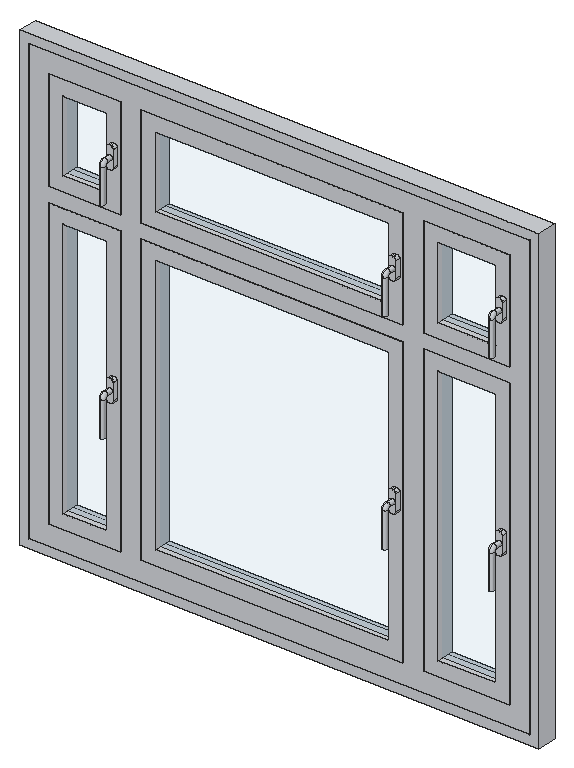
Revit family "AVLN_Окно_Фрамуга_3 створки", category Окна, Revit 2021
Family settings
  Основа = Стена
  Номер OmniClass = 23.30.20.00
  Заголовок OmniClass = Windows
  Всегда вертикально = Да
  При загрузке вырезать с полостями = Нет
  Общий = Нет
  Точка принадлежности помещению = Нет
Parameters (values of type "Для копирования!")
  Ширина рамы = 70 mm
  Ширина импоста = 50 mm
  Четверть слева/справа = 50 mm
  Четверть низ = 0 mm  # constant formula
  Четверть верх = 50 mm
  Створка_снизу_высота = 1000 mm
  Створка_толщина = 25 mm  # constant formula
  Толщина основы [instance] = 200 mm
  Створка_центр_ширина = Width - ((Монтажный зазор * 2) + (Ширина рамы * 4) + Створка_слева_ширина + Створка_справа_ширина)  # 910 mm
  Створка_справа_ширина = 300 mm
  Створка_слева_ширина = 250 mm
  Створка_профиль = 50 mm
  Створка_высота = Height - (Створка_снизу_высота + (Ширина рамы * 2) + Ширина импоста + (Монтажный зазор * 2))  # 350 mm
  Верх право открывание = АВЛН_Створка открывная : Створка повороно-откидная левая
  Верх лево открывание = АВЛН_Створка открывная : Створка повороно-откидная левая
  Верх центр открывание = АВЛН_Створка открывная : Створка повороно-откидная левая
  Rough Width = Width - Монтажный зазор * 2  # 1740 mm
  Rough Height = Height - Монтажный зазор * 2  # 1540 mm
  Подстановочный профиль_Ширина = 20 mm  # constant formula
  Подстановочный профиль_Толщина = 60 mm
  Подоконник_Толщина = 20 mm
  Подоконник_Длина = Width  # 1800 mm
  Подоконник_Глубина = 280 mm
  Подоконник = no
  Низ центр открывание = АВЛН_Створка открывная : Створка повороно-откидная левая
  Низ право открывание = АВЛН_Створка открывная : Створка повороно-откидная левая
  Низ лево открывание = АВЛН_Створка открывная : Створка повороно-откидная левая
  Глубина вставки = 0 mm
  Отлив_Толщина = 1 mm  # constant formula
  Отлив_Длина = Width - [Четверть слева/справа] * 2  # 1700 mm
  Отлив_Глубина = 280 mm
  Отлив = no
  Откос_Н.Ширина = Width - 2 * [Четверть слева/справа]  # 1700 mm
  Откос_Н.Толщина.8 = 32 mm
  Откос_Н.Толщина.7 = 28 mm
  Откос_Н.Толщина.6 = 24 mm
  Откос_Н.Толщина.5 = 20 mm
  Откос_Н.Толщина.4 = 16 mm
  Откос_Н.Толщина.3 = 12 mm
  Откос_Н.Толщина.2 = 8 mm
  Откос_Н.Толщина.1 = 4 mm
  Откос_Н.Отступ_П = 0 mm  # constant formula
  Откос_Н.Отступ_Л = 0 mm  # constant formula
  Откос_Н.Количество слоев = 0
  Откос_Н.Глубина = 150 mm
  Откос_Н.Высота = Height - Четверть верх - Четверть низ  # 1550 mm
  Откос_В.Толщина.8 = 32 mm
  Откос_В.Толщина.7 = 28 mm
  Откос_В.Толщина.6 = 24 mm
  Откос_В.Толщина.5 = 20 mm
  Откос_В.Толщина.4 = 16 mm
  Откос_В.Толщина.3 = 12 mm
  Откос_В.Толщина.2 = 8 mm
  Откос_В.Толщина.1 = 4 mm
  Откос_В.Отступ_П [instance] = Монтажный зазор + Подоконник_Толщина  # 50 mm
  Откос_В.Отступ_Л [instance] = Монтажный зазор + Подоконник_Толщина  # 50 mm
  Откос_В.Количество слоев = 0
  Откос_В.Глубина [instance] = Толщина основы - Глубина вставки - Ширина рамы  # 130 mm
  Монтажный зазор = 30 mm
  М.Подоконник = none
  М.Отлив = none
  М.Откос_Н.8 = none
  М.Откос_Н.7 = none
  М.Откос_Н.6 = none
  М.Откос_Н.5 = none
  М.Откос_Н.4 = none
  М.Откос_Н.3 = none
  М.Откос_Н.2 = none
  М.Откос_Н.1 = none
  М.Откос_В.8 = none
  М.Откос_В.7 = none
  М.Откос_В.6 = none
  М.Откос_В.5 = none
  М.Откос_В.4 = none
  М.Откос_В.3 = none
  М.Откос_В.2 = none
  М.Откос_В.1 = none
  М.Монтажного зазора = none
  М.Стекла = Стекло
  М.Рамы = none
  М.Подоконный профиль = none
  Type Comments = ""
  Height = 1600 mm
  Высота подоконника по умолчанию = 800 mm
  Замыкание стены = По основе
  Width = 1800 mm
  Аналитическая конструкция = "<Нет>"
  АВЛН_Проем_Ширина [instance] = Width  # 1800 mm
  АВЛН_Проем_Высота [instance] = Height  # 1600 mm
  ADSK_Этаж [instance] = ""
  ADSK_Размер_Ширина = Width  # 1800 mm
  ADSK_Размер_Высота = Height  # 1600 mm
  ADSK_Примечание [instance] = ""
  ADSK_Площадь = Height * Width  # 2.88 m²
  ADSK_Обозначение = ""
  ADSK_Номер секции [instance] = ""
  ADSK_Наименование = ""
  ADSK_Марка = ""
  ADSK_Группирование = ""
  -----------Разрезка----------- = "-----------"  # constant formula
  -----------Профили----------- = "-----------"  # constant formula
  -----------Подоконник----------- = "-----------"  # constant formula
  -----------Отлив----------- = "-----------"  # constant formula
  -----------Откос----------- = "-----------"  # constant formula
  -----------Основные габариты----------- = "-----------"  # constant formula
  -----------Вставка----------- = "-----------"  # constant formula
Reference planes
  plane 1 "По центру (Вперед/Назад)": y = 0
  plane 2 "По центру (Влево/Вправо)": x = 0
  plane 3 "Слева": x = -900
  plane 4 "Справа": x = 900
  plane 5 "Подоконник": z = 800
  plane 6 "Заголовок": z = 2400
  plane 7 "Наружный": y = 100
  plane 8 "Внутренние": y = -100
  plane 9 "Окно": y = 100
  plane 10: x = 870
  plane 11: z = 2370
  plane 12: x = -870
  plane 13: z = 830
  plane 14: x = 850
  plane 15: x = -850
  plane 16: z = 1600
  plane 17: y = 600
  plane 18: y = -400
  plane 19: z = 2350
  plane 20 "Чет. низ": z = 800
  plane 21 "Нраужняя": y = 30
  plane 22: y = 80
  plane 23 "Импост верх": z = 1950
  plane 24 "Импост низ": z = 1900
  plane 25: z = 900
  plane 26: z = 2300
  plane 27: x = -800
  plane 28: x = 800
  plane 29 "4": z = 1925
  plane 30 "5": x = -550
  plane 31 "6": x = -480
  plane 32 "7": x = 430
  plane 33 "8": x = 500
  plane 34 "9": x = -25
  plane 35 "10": x = 650
  plane 36 "11": x = -675
  plane 37 "12": z = 2125
  plane 38: z = 1400
Forms (mm)
  Extrusion 1, void
    sketch origin (0, 100, 0) x (1, 0, 0) y (0, 0, 1)
      loop
        line (850, 2350) -> (-850, 2350) -> (-850, 800) -> (850, 800) -> (850, 2350)
    from -500 to 20
  Extrusion 2, void
    sketch origin (0, 100, 0) x (1, 0, 0) y (0, 0, 1)
      loop
        line (900, 2400) -> (-900, 2400) -> (-900, 800) -> (900, 800) -> (900, 2400)
    from 0 to 500
  Extrusion 3, solid, material <- "М.Монтажного зазора", detail levels medium+fine
    sketch origin (0, 100, 0) x (1, 0, 0) y (0, 0, 1)
      loop
        line (900, 2400) -> (-900, 2400) -> (-900, 800) -> (900, 800) -> (900, 2400)
      loop
        line (-870, 2370) -> (-870, 830) -> (870, 830) -> (870, 2370) -> (-870, 2370)
    from 0 to 70
  Extrusion 4, solid, material <- "М.Рамы", detail levels medium+fine
    sketch origin (0, 100, 0) x (-1, 0, 0) y (0, 0, 1)
      loop
        line (-870, 2370) -> (-870, 830) -> (870, 830) -> (870, 2370) -> (-870, 2370)
      loop
        line (480, 900) -> (480, 1900) -> (-430, 1900) -> (-430, 900) -> (480, 900)
      loop
        line (550, 2300) -> (550, 1950) -> (800, 1950) -> (800, 2300) -> (550, 2300)
      loop
        line (550, 900) -> (800, 900) -> (800, 1900) -> (550, 1900) -> (550, 900)
      loop
        line (-500, 2300) -> (-800, 2300) -> (-800, 1950) -> (-500, 1950) -> (-500, 2300)
      loop
        line (-500, 900) -> (-500, 1900) -> (-800, 1900) -> (-800, 900) -> (-500, 900)
      loop
        line (480, 1950) -> (480, 2300) -> (-430, 2300) -> (-430, 1950) -> (480, 1950)
    from -70 to 0
Lines and regions (mm)
  reference lines
    curve 1: line (-900, -100, 1925) -> (900, -100, 1925)
    curve 2: line (-515, -100, 2400) -> (-515, -100, 800)
    curve 3: line (465, -100, 2400) -> (465, -100, 800)
Text (mm)
  text "EXTERIOR" at (-1963.203, 1332.353, 0), in view "Опорный уровень"
  text "INTERIOR" at (-1981.466, -818.386, 0), in view "Опорный уровень"
  text "Наружный" at (0, 923.751, 2943.296), in view "Справа"
  text "Наружный" at (0, 1240.237, 2685.409), in view "Слева"
Dimensions and locks
  equal spacing: plane 3 "Слева", plane 2 "По центру (Влево/Вправо)", plane 4 "Справа"
  "Width": plane 3 "Слева" to plane 4 "Справа"
  "Height": plane 5 "Подоконник" to plane 6 "Заголовок"
  "Высота подоконника по умолчанию": plane 5 "Подоконник" to level
  locked: plane 7 "Наружный" to host wall at 0
  locked: plane 8 "Внутренние" to host wall
  "Глубина вставки": plane 9 "Окно" to plane 7 "Наружный"
  "Монтажный зазор": plane 10 to plane 4 "Справа"
  "Монтажный зазор": plane 3 "Слева" to plane 12
  "Монтажный зазор": plane 11 to plane 6 "Заголовок"
  "Монтажный зазор": plane 5 "Подоконник" to plane 13
  "Четверть слева/справа": plane 14 to plane 4 "Справа"
  "Четверть слева/справа": plane 3 "Слева" to plane 15
  equal spacing: plane 5 "Подоконник", plane 16, plane 6 "Заголовок"
  locked: plane 7 "Наружный" to plane 17 at 500
  locked: plane 18 to plane 8 "Внутренние" at 300
  "Четверть верх": plane 19 to plane 6 "Заголовок"
  "Четверть низ": plane 5 "Подоконник" to plane 20 "Чет. низ"
  "Ширина рамы": plane 9 "Окно" to plane 21 "Нраужняя"
  "Толщина основы": host wall to host wall
  locked: plane 22 to plane 21 "Нраужняя" at 50
  "Ширина импоста": plane 24 "Импост низ" to plane 23 "Импост верх"
  "Ширина рамы": plane 28 to plane 10
  "Ширина рамы": plane 12 to plane 27
  "Ширина рамы": plane 13 to plane 25
  "Ширина рамы": plane 26 to plane 11
  plane 23 "Импост верх" to plane 26 = 350 mm
  "Створка_снизу_высота": plane 25 to plane 24 "Импост низ"
  equal spacing: plane 23 "Импост верх", plane 29 "4", plane 24 "Импост низ"
  "Створка_слева_ширина": plane 27 to plane 30 "5"
  "Ширина рамы": plane 30 "5" to plane 31 "6"
  "Ширина рамы": plane 32 "7" to plane 33 "8"
  "Створка_справа_ширина": plane 33 "8" to plane 28
  equal spacing: plane 32 "7", curve 3, plane 33 "8"
  equal spacing: plane 30 "5", curve 2, plane 31 "6"
  equal spacing: plane 31 "6", plane 34 "9", plane 32 "7"
  equal spacing: plane 33 "8", plane 35 "10", plane 28
  equal spacing: plane 27, plane 36 "11", plane 30 "5"
  equal spacing: plane 26, plane 37 "12", plane 23 "Импост верх"
  equal spacing: plane 24 "Импост низ", plane 38, plane 25
  aligned and locked: Extrusion 1 sketch curve to plane 14
  aligned and locked: plane 15 to Extrusion 1 sketch curve
  aligned and locked: plane 17 to Extrusion 1
  aligned and locked: Extrusion 2 sketch curve to plane 6 "Заголовок"
  aligned and locked: Extrusion 2 sketch curve to plane 4 "Справа"
  aligned and locked: plane 5 "Подоконник" to Extrusion 2 sketch curve
  aligned and locked: plane 3 "Слева" to Extrusion 2 sketch curve
  aligned and locked: Extrusion 2 to plane 9 "Окно"
  aligned and locked: Extrusion 2 to plane 18
  aligned and locked: Extrusion 1 sketch curve to plane 19
  aligned and locked: plane 20 "Чет. низ" to Extrusion 1 sketch curve
  aligned and locked: plane 9 "Окно" to nested 1
  aligned and locked: plane 2 "По центру (Влево/Вправо)" to nested 1
  aligned and locked: nested 2 to plane 21 "Нраужняя"
  aligned and locked: nested 2 to plane 2 "По центру (Влево/Вправо)"
  aligned and locked: plane 8 "Внутренние" to nested 3
  aligned and locked: nested 4 to plane 9 "Окно"
  aligned and locked: Extrusion 3 sketch curve to plane 6 "Заголовок"
  aligned and locked: Extrusion 3 sketch curve to plane 4 "Справа"
  aligned and locked: Extrusion 3 sketch curve to nested 2  (x2)
  aligned and locked: Extrusion 3 sketch curve to plane 11
  aligned and locked: Extrusion 3 sketch curve to plane 12
  aligned and locked: Extrusion 3 sketch curve to plane 13
  aligned and locked: plane 10 to Extrusion 3 sketch curve
  aligned and locked: Extrusion 3 to nested 2
  aligned and locked: plane 24 "Импост низ" to Extrusion 4 sketch curve
  aligned and locked: plane 23 "Импост верх" to Extrusion 4 sketch curve
  aligned and locked: Extrusion 4 sketch curve to Extrusion 4 sketch curve  (x2)
  aligned and locked: plane 27 to Extrusion 4 sketch curve
  aligned and locked: plane 12 to Extrusion 4 sketch curve
  aligned and locked: plane 13 to Extrusion 4 sketch curve
  aligned and locked: Extrusion 4 sketch curve to plane 26  (x2)
  aligned and locked: Extrusion 4 sketch curve to plane 11
  aligned and locked: plane 20 "Чет. низ" to nested 4
  aligned and locked: nested 4 to plane 2 "По центру (Влево/Вправо)"
  aligned and locked: Extrusion 3 to plane 9 "Окно"
  aligned and locked: Extrusion 4 to plane 21 "Нраужняя"
  aligned and locked: Extrusion 4 to plane 9 "Окно"
  aligned and locked: Extrusion 1 to plane 22
  aligned and locked: curve 1 to plane 29 "4"
  aligned and locked: plane 3 "Слева" to curve 1
  aligned and locked: plane 4 "Справа" to curve 1
  aligned and locked: Extrusion 4 sketch curve to plane 30 "5"
  aligned and locked: Extrusion 4 sketch curve to plane 10
  aligned and locked: plane 26 to Extrusion 4 sketch curve
  aligned and locked: Extrusion 4 sketch curve to plane 25  (x2)
  aligned and locked: Extrusion 4 sketch curve to plane 28
  aligned and locked: Extrusion 4 sketch curve to plane 33 "8"
  aligned and locked: Extrusion 4 sketch curve to plane 32 "7"
  aligned and locked: Extrusion 4 sketch curve to plane 23 "Импост верх"  (x2)
  aligned and locked: Extrusion 4 sketch curve to plane 24 "Импост низ"  (x2)
  aligned and locked: Extrusion 4 sketch curve to plane 31 "6"  (x2)
  aligned and locked: plane 6 "Заголовок" to curve 2
  aligned and locked: plane 6 "Заголовок" to curve 3
  aligned and locked: plane 5 "Подоконник" to curve 3
  aligned and locked: plane 5 "Подоконник" to curve 2
  aligned and locked: nested 7 to nested 3
  aligned and locked: plane 37 "12" to nested 7
  aligned and locked: plane 37 "12" to nested 6
  aligned and locked: plane 35 "10" to nested 6
  aligned and locked: plane 37 "12" to nested 5
  aligned and locked: plane 36 "11" to nested 5
  aligned and locked: plane 38 to nested 8
  aligned and locked: plane 36 "11" to nested 8
  aligned and locked: plane 38 to nested 9
  aligned and locked: plane 34 "9" to nested 9
  aligned and locked: plane 38 to nested 10
  aligned and locked: plane 35 "10" to nested 10
  aligned and locked: nested 3 to plane 34 "9"
  aligned and locked: plane 2 "По центру (Влево/Вправо)" to nested 11
  aligned and locked: nested 11 to plane 16
Automatic sketch dimensions
  plane 28 to Extrusion 4 sketch curve = 0 mm
  plane 33 "8" to Extrusion 4 sketch curve = 0 mm
  plane 32 "7" to Extrusion 4 sketch curve = 0 mm
  Extrusion 4 sketch curve to plane 25 = 0 mm
Nested families
  nested 1: "Отлив" at (0, 100, 800) x (-1, 0, 0) z (0, 0, 1), Глубина отлива <- "Отлив_Глубина", Длина отлива <- "Отлив_Длина", ТО <- "Отлив_Толщина", Ш_МЗЗ <- "Монтажный зазор", Ш_ПП <- "Подстановочный профиль_Ширина", ADSK_Группирование <- "ADSK_Группирование", ADSK_Номер секции <- "ADSK_Номер секции", ADSK_Этаж <- "ADSK_Этаж", visible <- "Отлив", М <- "М.Отлив", type "Отлив", detail levels fine
    with Ш_ПП 20 mm, Ш_МЗЗ 30 mm, ТО 1 mm, М none, Длина отлива 1700 mm, Глубина отлива 280 mm, ADSK_Этаж "", ADSK_Примечание "", ADSK_Обозначение "", ADSK_Номер секции "", ADSK_Наименование "", ADSK_Марка "", ADSK_Группирование ""
  nested 2: "Подоконник" at (0, 30, 800), Глубина подоконника <- "Подоконник_Глубина", Длина отлива <- "Подоконник_Длина", ТП <- "Подоконник_Толщина", Ш_МЗЗ <- "Монтажный зазор", Ш_ПП <- "Подстановочный профиль_Ширина", ADSK_Группирование <- "ADSK_Группирование", ADSK_Номер секции <- "ADSK_Номер секции", ADSK_Этаж <- "ADSK_Этаж", visible <- "Подоконник", М <- "М.Подоконник", type "Подоконник", detail levels fine
    with Ш_ПП 20 mm, Ш_МЗЗ 30 mm, ТП 20 mm, М none, Длина отлива 1800 mm, Глубина подоконника 280 mm, ADSK_Этаж "", ADSK_Примечание "", ADSK_Обозначение "", ADSK_Номер секции "", ADSK_Наименование "", ADSK_Марка "", ADSK_Группирование ""
  nested 3: "AVLN_Откосы_R19" at (-25, -100, 0), Глубина <- "Откос_В.Глубина", Высота от уровня <- "Высота подоконника по умолчанию", ADSK_Группирование <- "Type Comments", ADSK_Этаж <- "ADSK_Этаж", ADSK_Номер секции <- "ADSK_Номер секции", Материал_1 <- "М.Откос_В.1", Материал_2 <- "М.Откос_В.2", Материал_3 <- "М.Откос_В.3", Материал_4 <- "М.Откос_В.4", Материал_5 <- "М.Откос_В.5", Материал_6 <- "М.Откос_В.6", Материал_7 <- "М.Откос_В.7", Материал_8 <- "М.Откос_В.8", Толщина_1 <- "Откос_В.Толщина.1", Толщина_2 <- "Откос_В.Толщина.2", Толщина_3 <- "Откос_В.Толщина.3", Толщина_4 <- "Откос_В.Толщина.4", Толщина_5 <- "Откос_В.Толщина.5", Толщина_6 <- "Откос_В.Толщина.6", Толщина_7 <- "Откос_В.Толщина.7", Толщина_8 <- "Откос_В.Толщина.8", Количество слоев <- "Откос_В.Количество слоев", Отступ_Л <- "Откос_В.Отступ_Л", Отступ_П <- "Откос_В.Отступ_П", Высота <- "Height", Ширина <- "Width", type "AVLN_Откосы_R19"
    with Ширина_8 1576 mm, Ширина_7 1632 mm, Ширина_6 1680 mm, Ширина_5 1720 mm, Ширина_4 1752 mm, Ширина_3 1776 mm, Ширина_2 1792 mm, Ширина 1800 mm, Толщина_8 32 mm, Толщина_7 28 mm, Толщина_6 24 mm, Толщина_5 20 mm, Толщина_4 16 mm, Толщина_3 12 mm, Толщина_2 8 mm, Толщина_1 4 mm, Отступ_П 50 mm, Отступ_Л 50 mm, Материал_8 none, Материал_7 none, Материал_6 none, Материал_5 none, Материал_4 none, Материал_3 none, Материал_2 none, Материал_1 none, Количество слоев 0, Глубина 130 mm, Высота_8 1488 mm, Высота_7 1516 mm, Высота_6 1540 mm, Высота_5 1560 mm, Высота_4 1576 mm, Высота_3 1588 mm, Высота_2 1596 mm, Высота от уровня 800 mm, Высота 1600 mm, Видимость_8 no, Видимость_7 no, Видимость_6 no, Видимость_5 no, Видимость_4 no, Видимость_3 no, Видимость_2 no, Видимость_1 no, ADSK_Этаж "", ADSK_Номер секции "", ADSK_Группирование ""
  nested 4: "AVLN_Откосы_R19" at (0, 100, 0), Ширина <- "Откос_Н.Ширина", Глубина <- "Откос_Н.Глубина", Высота <- "Откос_Н.Высота", Высота от уровня <- "Высота подоконника по умолчанию", ADSK_Группирование <- "Type Comments", ADSK_Этаж <- "ADSK_Этаж", ADSK_Номер секции <- "ADSK_Номер секции", Материал_1 <- "М.Откос_Н.1", Материал_2 <- "М.Откос_Н.2", Материал_3 <- "М.Откос_Н.3", Материал_4 <- "М.Откос_Н.4", Материал_5 <- "М.Откос_Н.5", Материал_6 <- "М.Откос_Н.6", Материал_7 <- "М.Откос_Н.7", Материал_8 <- "М.Откос_Н.8", Толщина_1 <- "Откос_Н.Толщина.1", Толщина_2 <- "Откос_Н.Толщина.2", Толщина_3 <- "Откос_Н.Толщина.3", Толщина_4 <- "Откос_Н.Толщина.4", Толщина_5 <- "Откос_Н.Толщина.5", Толщина_6 <- "Откос_Н.Толщина.6", Толщина_7 <- "Откос_Н.Толщина.7", Толщина_8 <- "Откос_Н.Толщина.8", Количество слоев <- "Откос_Н.Количество слоев", Отступ_Л <- "Откос_Н.Отступ_Л", Отступ_П <- "Откос_Н.Отступ_П", type "AVLN_Откосы_R19"
    with Ширина_8 1476 mm, Ширина_7 1532 mm, Ширина_6 1580 mm, Ширина_5 1620 mm, Ширина_4 1652 mm, Ширина_3 1676 mm, Ширина_2 1692 mm, Ширина 1700 mm, Толщина_8 32 mm, Толщина_7 28 mm, Толщина_6 24 mm, Толщина_5 20 mm, Толщина_4 16 mm, Толщина_3 12 mm, Толщина_2 8 mm, Толщина_1 4 mm, Отступ_П 0 mm, Отступ_Л 0 mm, Материал_8 none, Материал_7 none, Материал_6 none, Материал_5 none, Материал_4 none, Материал_3 none, Материал_2 none, Материал_1 none, Количество слоев 0, Глубина 150 mm, Высота_8 1438 mm, Высота_7 1466 mm, Высота_6 1490 mm, Высота_5 1510 mm, Высота_4 1526 mm, Высота_3 1538 mm, Высота_2 1546 mm, Высота от уровня 800 mm, Высота 1550 mm, Видимость_8 no, Видимость_7 no, Видимость_6 no, Видимость_5 no, Видимость_4 no, Видимость_3 no, Видимость_2 no, Видимость_1 no, ADSK_Этаж "", ADSK_Номер секции "", ADSK_Группирование ""
  nested 5: "АВЛН_Створка открывная" at (-675, 30, 2125) x (1, 0, 0) z (0, 1, 0), type <- "Верх лево открывание", Створка высота <- "Створка_высота", Створка ширина <- "Створка_слева_ширина", Ширина рамы <- "Створка_профиль", Материал_Рама <- "М.Рамы", Материал_Стеклопакет <- "М.Стекла", Материал_Ручки <- "М.Рамы", type "Створка повороно-откидная левая", detail levels medium+fine
    with Ширина рамы 50 mm, Створка ширина 250 mm, Створка высота 350 mm, Материал_Стеклопакет Стекло, Материал_Ручки none, Материал_Рама none, Width 250 mm, Height 350 mm
  nested 6: "АВЛН_Створка открывная" at (650, 30, 2125) x (1, 0, 0) z (0, 1, 0), type <- "Верх право открывание", Створка высота <- "Створка_высота", Створка ширина <- "Створка_справа_ширина", Ширина рамы <- "Створка_профиль", Материал_Рама <- "М.Рамы", Материал_Стеклопакет <- "М.Стекла", Материал_Ручки <- "М.Рамы", type "Створка повороно-откидная левая", detail levels medium+fine
    with Ширина рамы 50 mm, Створка ширина 300 mm, Створка высота 350 mm, Материал_Стеклопакет Стекло, Материал_Ручки none, Материал_Рама none, Width 250 mm, Height 350 mm
  nested 7: "АВЛН_Створка открывная" at (-25, 30, 2125) x (1, 0, 0) z (0, 1, 0), type <- "Верх центр открывание", Створка высота <- "Створка_высота", Створка ширина <- "Створка_центр_ширина", Ширина рамы <- "Створка_профиль", Материал_Рама <- "М.Рамы", Материал_Стеклопакет <- "М.Стекла", Материал_Ручки <- "М.Рамы", type "Створка повороно-откидная левая", detail levels medium+fine
    with Ширина рамы 50 mm, Створка ширина 910 mm, Створка высота 350 mm, Материал_Стеклопакет Стекло, Материал_Ручки none, Материал_Рама none, Width 250 mm, Height 350 mm
  nested 8: "АВЛН_Створка открывная" at (-675, 30, 1400) x (1, 0, 0) z (0, 1, 0), type <- "Низ лево открывание", Створка высота <- "Створка_снизу_высота", Створка ширина <- "Створка_слева_ширина", Ширина рамы <- "Створка_профиль", Материал_Рама <- "М.Рамы", Материал_Стеклопакет <- "М.Стекла", Материал_Ручки <- "М.Рамы", type "Створка повороно-откидная левая", detail levels medium+fine
    with Ширина рамы 50 mm, Створка ширина 250 mm, Створка высота 1000 mm, Материал_Стеклопакет Стекло, Материал_Ручки none, Материал_Рама none, Width 250 mm, Height 350 mm
  nested 9: "АВЛН_Створка открывная" at (-25, 30, 1400) x (1, 0, 0) z (0, 1, 0), type <- "Низ центр открывание", Створка высота <- "Створка_снизу_высота", Створка ширина <- "Створка_центр_ширина", Ширина рамы <- "Створка_профиль", Материал_Рама <- "М.Рамы", Материал_Стеклопакет <- "М.Стекла", Материал_Ручки <- "М.Рамы", type "Створка повороно-откидная левая", detail levels medium+fine
    with Ширина рамы 50 mm, Створка ширина 910 mm, Створка высота 1000 mm, Материал_Стеклопакет Стекло, Материал_Ручки none, Материал_Рама none, Width 250 mm, Height 350 mm
  nested 10: "АВЛН_Створка открывная" at (650, 30, 1400) x (1, 0, 0) z (0, 1, 0), type <- "Низ право открывание", Створка высота <- "Створка_снизу_высота", Створка ширина <- "Створка_справа_ширина", Ширина рамы <- "Створка_профиль", Материал_Рама <- "М.Рамы", Материал_Стеклопакет <- "М.Стекла", Материал_Ручки <- "М.Рамы", type "Створка повороно-откидная левая", detail levels medium+fine
    with Ширина рамы 50 mm, Створка ширина 300 mm, Створка высота 1000 mm, Материал_Стеклопакет Стекло, Материал_Ручки none, Материал_Рама none, Width 250 mm, Height 350 mm
  nested 11: "AVLN_Обозначение проема" at (0, 100, 1600) x (0, 0, -1) z (0, -1, 0), ADSK_Размер_Высота <- "АВЛН_Проем_Ширина", ADSK_Размер_Ширина <- "АВЛН_Проем_Высота", type "AVLN_Обозначение проема", detail levels coarse
    with ADSK_Размер_Ширина 1600 mm, ADSK_Размер_Высота 1800 mm
Definition of nested family "Отлив"
  Parameters (values of type "Отлив")
    Ш_ПП [instance] = 50 mm
    Ш_МЗЗ [instance] = 35 mm
    ТО [instance] = 1 mm
    Default Elevation = 1219.2 mm
    М [instance] = none
    Длина отлива [instance] = 1560 mm
    Глубина отлива [instance] = 280 mm
    ADSK_Этаж [instance] = ""
    ADSK_Примечание [instance] = ""
    ADSK_Обозначение [instance] = ""
    ADSK_Номер секции [instance] = ""
    ADSK_Наименование [instance] = ""
    ADSK_Марка [instance] = ""
    ADSK_Группирование [instance] = ""
  Reference planes
    plane 1 "По центру (Вперед/Назад)": y = 0
    plane 2: z = 0
    plane 3 "По центру (Влево/Вправо)": x = 0
    plane 4: y = -280
    plane 5: x = -780
    plane 6: x = 780
    plane 7: z = 35
    plane 8: z = 85
    plane 9: y = -1
    plane 10: y = -300
    plane 11: y = -301
    plane 12: z = -35
    plane 13: z = 34
  Forms (mm)
    Extrusion 1, solid, material <- "М"
      sketch origin (0, 0, 0) x (0, 1, 0) y (0, 0, 1)
        loop
          line (0, 85) -> (-1, 85) -> (-1, 34.893) -> (-301, 0.893) -> (-301, -35) -> (-300, -35) -> (-300, 0) -> (0, 34) -> (0, 85)
      from -780 to 780
  Dimensions and locks
    equal spacing: plane 5, plane 3 "По центру (Влево/Вправо)", plane 6
    "Длина отлива": plane 5 to plane 6
    "Глубина отлива": plane 4 to plane 1 "По центру (Вперед/Назад)"
    "Ш_МЗЗ": plane 7 to level
    "Ш_ПП": plane 8 to plane 7
    "ТО": plane 1 "По центру (Вперед/Назад)" to plane 9
    "ТО": plane 10 to plane 11
    locked: level to plane 12 at 35
    "ТО": plane 7 to plane 13
    "ТО": Extrusion 1 sketch curve to Extrusion 1 sketch curve
    locked: plane 4 to plane 10 at 20
    aligned and locked: level to plane 2
    aligned and locked: plane 8 to Extrusion 1 sketch curve
    aligned and locked: plane 9 to Extrusion 1 sketch curve
    aligned and locked: plane 11 to Extrusion 1 sketch curve
    aligned and locked: plane 12 to Extrusion 1 sketch curve
    aligned and locked: plane 1 "По центру (Вперед/Назад)" to Extrusion 1 sketch curve  (x2)
    aligned and locked: plane 13 to Extrusion 1 sketch curve
    aligned and locked: level to Extrusion 1 sketch curve
    aligned and locked: plane 10 to Extrusion 1 sketch curve
    aligned and locked: plane 6 to Extrusion 1
    aligned and locked: Extrusion 1 to plane 5
Definition of nested family "Подоконник"
  Parameters (values of type "Подоконник")
    Ш_ПП [instance] = 50 mm
    Ш_МЗЗ [instance] = 35 mm
    ТП [instance] = 20 mm
    Default Elevation = 1219.2 mm
    М [instance] = none
    Длина отлива [instance] = 1560 mm
    Глубина подоконника [instance] = 280 mm
    ADSK_Этаж [instance] = ""
    ADSK_Примечание [instance] = ""
    ADSK_Обозначение [instance] = ""
    ADSK_Номер секции [instance] = ""
    ADSK_Наименование [instance] = ""
    ADSK_Марка [instance] = ""
    ADSK_Группирование [instance] = ""
  Reference planes
    plane 1 "По центру (Вперед/Назад)": y = 0
    plane 2: z = 0
    plane 3 "По центру (Влево/Вправо)": x = 0
    plane 4: y = -280
    plane 5: x = -780
    plane 6: x = 780
    plane 7: z = 35
    plane 8: z = 85
    plane 9: y = -20
    plane 10: y = -290
    plane 11: y = -310
    plane 12: z = -35
    plane 13: z = 15
    plane 14: z = 65
  Forms (mm)
    Extrusion 1, solid, material <- "М"
      sketch origin (0, 0, 0) x (0, 1, 0) y (0, 0, 1)
        loop
          line (0, 85) -> (-310, 85) -> (-310, 0) -> (-290, 0) -> (-290, 65) -> (0, 65) -> (0, 85)
      from -780 to 780
  Dimensions and locks
    equal spacing: plane 5, plane 3 "По центру (Влево/Вправо)", plane 6
    "Длина отлива": plane 5 to plane 6
    "Глубина подоконника": plane 4 to plane 1 "По центру (Вперед/Назад)"
    "Ш_МЗЗ": plane 7 to level
    "Ш_ПП": plane 8 to plane 7
    "ТП": plane 1 "По центру (Вперед/Назад)" to plane 9
    "ТП": plane 10 to plane 11
    locked: level to plane 12 at 35
    "ТП": plane 7 to plane 13
    locked: plane 4 to plane 10 at 10
    "ТП": plane 8 to plane 14
    aligned and locked: level to plane 2
    aligned and locked: plane 8 to Extrusion 1 sketch curve
    aligned and locked: plane 1 "По центру (Вперед/Назад)" to Extrusion 1 sketch curve
    aligned and locked: plane 10 to Extrusion 1 sketch curve
    aligned and locked: plane 11 to Extrusion 1 sketch curve
    aligned and locked: level to Extrusion 1 sketch curve
    aligned and locked: plane 14 to Extrusion 1 sketch curve
    aligned and locked: Extrusion 1 to plane 5
    aligned and locked: plane 6 to Extrusion 1
Definition of nested family "АВЛН_Створка открывная"
  Parameters (values of type "Створка повороно-откидная правая")
    Ширина рамы [instance] = 50 mm
    Width = 600 mm
    Створка ширина [instance] = 800 mm
    Створка высота [instance] = 700 mm
    Материал_Стеклопакет [instance] = none
    Поворотная Правая = yes
    Поворотная Левая = no
    Default Elevation = 1219.2 mm
    Открываная = yes
    Откидная = yes
    Материал_Ручки [instance] = none
    Материал_Рама [instance] = none
    Левая = yes
    Глухое = no
    Height = 1150 mm
    Analytic Construction = "<Нет>"
  Types (6, lengths in mm): name | Width | Поворотная Правая | Поворотная Левая | Открываная | Откидная | Глухое | Height
    Створка повороно-откидная правая | 600 | yes | no | yes | yes | no | 1150
    Створка повороно-откидная левая | 600 | no | yes | yes | yes | no | 1150
    Створка глухая | 600 | no | no | no | no | yes | 1150
    Створка откидная | 1300 | no | no | yes | yes | no | 1700
    Створка поворотная правая | 600 | yes | no | yes | no | no | 1150
    Створка поворотная левая | 600 | no | yes | yes | no | no | 1150
  Reference planes
    plane 1 "По центру (Вперед/Назад)": y = 0
    plane 2 "Внутрення грань": z = 0
    plane 3 "По центру (Влево/Вправо)": x = 0
    plane 4: y = 350
    plane 5: x = 400
    plane 6: y = -350
    plane 7: x = -400
    plane 8 "Наружняя грань": z = 60.433
    plane 9 "По центру Л/Р": z = 30.216
  Forms (mm)
    Extrusion 1, solid
      sketch origin (0, 0, 0) x (1, 0, 0) y (0, 1, 0)
        loop
          line (-1219.2, 1219.2) -> (-1219.2, -1219.2) -> (1219.2, -1219.2) -> (1219.2, 1219.2) -> (-1219.2, 1219.2)
      from 0 to -304.8
    Sweep 2, solid, material <- "Материал_Рама", visible <- "Открываная"
      path origin (0, 0, 0) x (1, 0, 0) y (0, 1, 0)
        loop
          line (400, 350) -> (-400, 350) -> (-400, -350) -> (400, -350) -> (400, 350)
      profile origin (0, 350, 0) x (0, -1, 0) y (0, 0, 1)
        loop
          line (0, 0) -> (50, 0) -> (50, 60.433) -> (0, 60.433) -> (0, 0)
    Extrusion 3, solid, material <- "Материал_Стеклопакет", visible <- "Открываная"
      sketch origin (0, 0, 0) x (1, 0, 0) y (0, 1, 0)
        loop
          line (-350, 300) -> (-350, -300) -> (350, -300) -> (350, 300) -> (-350, 300)
      from 17.481 to 42.952
    Extrusion 4, solid, material <- "Материал_Стеклопакет", visible <- "Глухое"
      sketch origin (0, 0, 0) x (1, 0, 0) y (0, 1, 0)
        loop
          line (-400, 350) -> (-400, -350) -> (400, -350) -> (400, 350) -> (-400, 350)
      from 17.481 to 42.952
  Lines and regions (mm)
    model lines, visible <- "Глухое", detail levels medium+fine
      curve 1: line (0, 50, 60.433) -> (0, -50, 60.433)
      curve 2: line (50, 0, 60.433) -> (-50, 0, 60.433)
      curve 17: line (0, 50, 0) -> (0, -50, 0)
      curve 18: line (50, 0, 0) -> (-50, 0, 0)
    model lines, visible <- "Глухое", not visible, detail levels medium+fine
      curve 3: line (60, 38.001, 60.433) -> (60, -61.999, 60.433)
      curve 4: line (110, -11.999, 60.433) -> (10, -11.999, 60.433)
    model lines, visible <- "Поворотная Правая", detail levels medium+fine
      curve 5: line (400, 350, 0) -> (-400, 0, 0)
      curve 6: line (400, -350, 0) -> (-400, 0, 0)
      curve 13: line (400, 350, 60.433) -> (-400, 0, 60.433)
      curve 14: line (400, -350, 60.433) -> (-400, 0, 60.433)
    model lines, visible <- "Откидная", detail levels medium+fine
      curve 7: line (-400, -350, 0) -> (0, 350, 0)
      curve 8: line (0, 350, 0) -> (400, -350, 0)
      curve 15: line (-400, -350, 60.433) -> (0, 350, 60.433)
      curve 16: line (0, 350, 60.433) -> (400, -350, 60.433)
    model lines, visible <- "Поворотная Левая", detail levels medium+fine
      curve 9: line (-400, 350, 0) -> (400, 0, 0)
      curve 10: line (-400, -350, 0) -> (400, 0, 0)
      curve 11: line (-400, 350, 60.433) -> (400, 0, 60.433)
      curve 12: line (-400, -350, 60.433) -> (400, 0, 60.433)
  Dimensions and locks
    "Створка высота": plane 4 to plane 6
    "Створка ширина": plane 7 to plane 5
    equal spacing: plane 7, plane 3 "По центру (Влево/Вправо)", plane 5
    equal spacing: plane 6, plane 1 "По центру (Вперед/Назад)", plane 4
    plane 2 "Внутрення грань" to plane 8 "Наружняя грань" = 60.433 mm
    level to Extrusion 4 = 42.952 mm
    plane 8 "Наружняя грань" to level = 60.433 mm
    equal spacing: Extrusion 3, plane 9 "По центру Л/Р", Extrusion 3
    equal spacing: plane 8 "Наружняя грань", plane 9 "По центру Л/Р", level
    Extrusion 3 to Extrusion 3 = 25.471 mm
    "Ширина рамы": profile plane to Sweep 2 sketch curve
    equal spacing: Extrusion 4, plane 9 "По центру Л/Р", Extrusion 4, locked at 12.735 each
    locked: Extrusion 4 to Extrusion 4 at 25.471
    equal spacing: Sweep 2, nested 1, Sweep 2
    equal spacing: Sweep 2, nested 2, Sweep 2
    aligned and locked: plane 2 "Внутрення грань" to Extrusion 1
    aligned and locked: level to Extrusion 1
    aligned and locked: plane 4 to Sweep 2 sketch curve
    aligned and locked: plane 5 to Sweep 2 sketch curve
    aligned and locked: plane 6 to Sweep 2 sketch curve
    aligned and locked: Sweep 2 sketch curve to plane 7
    aligned and locked: Extrusion 3 sketch curve to Sweep 2  (x4)
    aligned and locked: Extrusion 4 sketch curve to Sweep 2  (x3)
    aligned and locked: Extrusion 4 sketch curve to plane 5
    aligned and locked: Sweep 2 sketch curve to plane 8 "Наружняя грань"
    aligned and locked: plane 6 to Extrusion 4
    aligned and locked: plane 4 to Extrusion 4
    aligned and locked: curve 2 to plane 1 "По центру (Вперед/Назад)"
    aligned and locked: curve 1 to plane 3 "По центру (Влево/Вправо)"
    aligned and locked: curve 18 to plane 1 "По центру (Вперед/Назад)"
    aligned and locked: curve 17 to plane 3 "По центру (Влево/Вправо)"
    aligned and locked: nested 2 to plane 1 "По центру (Вперед/Назад)"
    aligned and locked: nested 1 to plane 1 "По центру (Вперед/Назад)"
  Automatic sketch dimensions
    Extrusion 1 sketch curve to Extrusion 1 sketch curve = 2438.4 mm  (x2)
    plane 1 "По центру (Вперед/Назад)" to curve 5 = 0 mm
    curve 5 to plane 7 = 0 mm
    curve 9 to plane 4 = 0 mm
    curve 9 to plane 7 = 0 mm
    plane 6 to curve 7 = 0 mm
    curve 7 to plane 7 = 0 mm
    curve 7 to plane 3 "По центру (Влево/Вправо)" = 0 mm
    curve 6 to plane 5 = 0 mm
    plane 1 "По центру (Вперед/Назад)" to curve 9 = 0 mm
    curve 9 to plane 5 = 0 mm
    curve 5 to plane 4 = 0 mm
    curve 5 to plane 5 = 0 mm
    plane 6 to curve 8 = 0 mm
    curve 8 to plane 4 = 0 mm
    curve 11 to plane 4 = 0 mm
    curve 11 to plane 7 = 0 mm
    plane 6 to curve 15 = 0 mm
    curve 15 to plane 7 = 0 mm
    plane 1 "По центру (Вперед/Назад)" to curve 14 = 0 mm
    curve 14 to plane 7 = 0 mm
    curve 15 to plane 3 "По центру (Влево/Вправо)" = 0 mm
    plane 1 "По центру (Вперед/Назад)" to curve 11 = 0 mm
    curve 11 to plane 5 = 0 mm
    curve 14 to plane 5 = 0 mm
    curve 13 to plane 4 = 0 mm
    curve 13 to plane 5 = 0 mm
    plane 6 to curve 14 = 0 mm
    curve 15 to plane 4 = 0 mm
    plane 1 "По центру (Вперед/Назад)" to curve 2 = 0 mm
    curve 1 to plane 3 "По центру (Влево/Вправо)" = 0 mm
    curve 2 to plane 3 "По центру (Влево/Вправо)" = 50 mm
    plane 3 "По центру (Влево/Вправо)" to curve 2 = 50 mm
    plane 1 "По центру (Вперед/Назад)" to curve 1 = 50 mm
    curve 1 to plane 1 "По центру (Вперед/Назад)" = 50 mm
    curve 18 to curve 17 = 50 mm
    curve 17 to curve 18 = 50 mm
    plane 1 "По центру (Вперед/Назад)" to curve 17 = 50 mm
    curve 17 to plane 1 "По центру (Вперед/Назад)" = 50 mm
    Sweep 2 sketch curve to level = 0 mm
    Sweep 2 sketch curve to profile plane = 0 mm
  Nested families
    nested 1: "АВЛН_Ручка" at (375, 1040, 0) x (1, 0, 0) z (0, -1, 0), visible <- "Поворотная Левая", Материал дверной ручки <- "Материал_Рама", type "АВЛН_Ручка", detail levels fine
      with Материал дверной ручки none, Высота расположения дверной ручки 1040 mm
    nested 2: "АВЛН_Ручка" at (-375, 1040, 0) x (1, 0, 0) z (0, -1, 0), visible <- "Поворотная Правая", Материал дверной ручки <- "Материал_Рама", type "АВЛН_Ручка", detail levels fine
      with Материал дверной ручки none, Высота расположения дверной ручки 1040 mm
  Definition of nested family "АВЛН_Ручка"
    Parameters (values of type "АВЛН_Ручка")
      Default Elevation = 1219.2 mm
      Материал дверной ручки [instance] = none
      Высота расположения дверной ручки [instance] = 1040 mm
      Analytic Construction = "<Нет>"
      b = 25 mm
      a = 75 mm
    Reference planes
      plane 1 "По центру (Вперед/Назад)": y = 0
      plane 2: z = 0
      plane 3 "По центру (Влево/Вправо)": x = 0
      plane 4: z = 1040
      plane 5: x = 12.5
      plane 6: x = -12.5
      plane 7: z = 1002.5
      plane 8: z = 1077.5
      plane 9: y = -15
    Forms (mm)
      Extrusion 1, solid, material <- "Материал дверной ручки"
        sketch origin (0, 0, 2080) x (-1, 0, 0) y (0, 0, -1)
          loop
            arc (-2.5, 1077.5) -> (-9.571, 1074.571) -> (-12.5, 1067.5) r 10
            line (-12.5, 1067.5) -> (-12.5, 1012.5)
            arc (-12.5, 1012.5) -> (-9.571, 1005.429) -> (-2.5, 1002.5) r 10
            line (-2.5, 1002.5) -> (2.5, 1002.5)
            arc (2.5, 1002.5) -> (9.571, 1005.429) -> (12.5, 1012.5) r 10
            line (12.5, 1012.5) -> (12.5, 1067.5)
            arc (12.5, 1067.5) -> (9.571, 1074.571) -> (2.5, 1077.5) r 10
            line (2.5, 1077.5) -> (-2.5, 1077.5)
        from 0 to 15
      Sweep 2, solid, material <- "Материал дверной ручки"
        path origin (-1040, 0, 1040) x (0, 0, -1) y (0, 1, 0)
          loop
            line (0, -15) -> (0, -38.261)
            arc (0, -38.261) -> (-2.929, -45.332) -> (-10, -48.261) r 10
            line (-10, -48.261) -> (-130, -48.261)
        profile origin (-1040, -26.63, 1040) x (0, 0, -1) y (1, 0, 0)
          loop
            circle (0, 1040) r 8
    Dimensions and locks
      "Высота расположения дверной ручки": plane 4 to level
      "a": plane 7 to plane 8
      "b": plane 6 to plane 5
      plane 6 to plane 5 = 25 mm
      locked: plane 1 "По центру (Вперед/Назад)" to plane 9 at 15
      plane 7 to plane 8 = 75 mm
      aligned and locked: level to plane 2
      aligned and locked: Extrusion 1 sketch curve to plane 7
      aligned and locked: plane 5 to Extrusion 1 sketch curve
      aligned and locked: plane 8 to Extrusion 1 sketch curve
      aligned and locked: Extrusion 1 sketch curve to plane 6
      aligned and locked: Extrusion 1 to plane 1 "По центру (Вперед/Назад)"
    Automatic sketch dimensions
      Sweep 2 sketch curve to plane 9 = 0 mm
      plane 4 to Sweep 2 sketch curve = 10 mm
      plane 9 to Sweep 2 sketch curve = 23.261 mm
      Sweep 2 sketch curve to Sweep 2 sketch curve = 120 mm
      Sweep 2 sketch curve to profile plane = 0 mm
      profile plane to Sweep 2 sketch curve = 1040 mm
      Sweep 2 sketch curve to plane 4 = 0 mm
      plane 3 "По центру (Влево/Вправо)" to Extrusion 1 sketch curve = 2.5 mm  (x2)
      Extrusion 1 sketch curve to plane 3 "По центру (Влево/Вправо)" = 2.5 mm  (x2)
      radius of Sweep 2 sketch curve = 8 mm
Definition of nested family "AVLN_Откосы_R19"
  Parameters (values of type "AVLN_Откосы_R19")
    Ширина_8 [instance] = Ширина_7 - Толщина_7 * 2  # 776 mm
    Ширина_7 [instance] = Ширина_6 - Толщина_6 * 2  # 832 mm
    Ширина_6 [instance] = Ширина_5 - Толщина_5 * 2  # 880 mm
    Ширина_5 [instance] = Ширина_4 - Толщина_4 * 2  # 920 mm
    Ширина_4 [instance] = Ширина_3 - Толщина_3 * 2  # 952 mm
    Ширина_3 [instance] = Ширина_2 - Толщина_2 * 2  # 976 mm
    Ширина_2 [instance] = Ширина - Толщина_1 * 2  # 992 mm
    Ширина [instance] = 1000 mm
    Толщина_8 [instance] = 32 mm
    Толщина_7 [instance] = 28 mm
    Толщина_6 [instance] = 24 mm
    Толщина_5 [instance] = 20 mm
    Толщина_4 [instance] = 16 mm
    Толщина_3 [instance] = 12 mm
    Толщина_2 [instance] = 8 mm
    Толщина_1 [instance] = 4 mm
    Отступ_П [instance] = 0 mm
    Отступ_Л [instance] = 0 mm
    Default Elevation = 1219.2 mm
    Материал_8 [instance] = none
    Материал_7 [instance] = none
    Материал_6 [instance] = none
    Материал_5 [instance] = none
    Материал_4 [instance] = none
    Материал_3 [instance] = none
    Материал_2 [instance] = none
    Материал_1 [instance] = none
    Type Comments = ""
    Количество слоев [instance] = 8
    Глубина [instance] = 200 mm
    Высота_8 [instance] = Высота_7 - Толщина_7  # 1388 mm
    Высота_7 [instance] = Высота_6 - Толщина_6  # 1416 mm
    Высота_6 [instance] = Высота_5 - Толщина_5  # 1440 mm
    Высота_5 [instance] = Высота_4 - Толщина_4  # 1460 mm
    Высота_4 [instance] = Высота_3 - Толщина_3  # 1476 mm
    Высота_3 [instance] = Высота_2 - Толщина_2  # 1488 mm
    Высота_2 [instance] = Высота - Толщина_1  # 1496 mm
    Высота от уровня [instance] = 377.189 mm
    Высота [instance] = 1500 mm
    Видимость_8 [instance] = Количество слоев > 7  # yes
    Видимость_7 [instance] = Количество слоев > 6  # yes
    Видимость_6 [instance] = Количество слоев > 5  # yes
    Видимость_5 [instance] = Количество слоев > 4  # yes
    Видимость_4 [instance] = Количество слоев > 3  # yes
    Видимость_3 [instance] = Количество слоев > 2  # yes
    Видимость_2 [instance] = Количество слоев > 1  # yes
    Видимость_1 [instance] = Количество слоев > 0  # yes
    ADSK_Этаж [instance] = ""
    ADSK_Номер секции [instance] = ""
    ADSK_Группирование [instance] = ""
  Reference planes
    plane 1 "По центру (Вперед/Назад)": y = 0
    plane 2: z = 0
    plane 3 "По центру (Влево/Вправо)": x = 0
    plane 4: y = 200
    plane 5: z = 377.189
  Dimensions and locks
    "Глубина": plane 4 to plane 1 "По центру (Вперед/Назад)"
    "Высота от уровня": plane 5 to level
    aligned and locked: level to plane 2
    aligned and locked: plane 3 "По центру (Влево/Вправо)" to nested 1
    aligned and locked: nested 1 to plane 1 "По центру (Вперед/Назад)"
    aligned and locked: plane 3 "По центру (Влево/Вправо)" to nested 2
    aligned and locked: nested 2 to plane 1 "По центру (Вперед/Назад)"
    aligned and locked: plane 3 "По центру (Влево/Вправо)" to nested 3
    aligned and locked: nested 3 to plane 1 "По центру (Вперед/Назад)"
    aligned and locked: plane 3 "По центру (Влево/Вправо)" to nested 4
    aligned and locked: nested 4 to plane 1 "По центру (Вперед/Назад)"
    aligned and locked: plane 3 "По центру (Влево/Вправо)" to nested 5
    aligned and locked: nested 5 to plane 1 "По центру (Вперед/Назад)"
    aligned and locked: plane 3 "По центру (Влево/Вправо)" to nested 6
    aligned and locked: nested 6 to plane 1 "По центру (Вперед/Назад)"
    aligned and locked: plane 3 "По центру (Влево/Вправо)" to nested 7
    aligned and locked: nested 7 to plane 1 "По центру (Вперед/Назад)"
    aligned and locked: plane 3 "По центру (Влево/Вправо)" to nested 8
    aligned and locked: nested 8 to plane 1 "По центру (Вперед/Назад)"
  Nested families
    nested 1: "Откос_R1" at (0, 100, 377.189), ADSK_Размер_Глубина <- "Глубина", built-in parameter 1001364 <- "Высота от уровня", ADSK_Группирование <- "ADSK_Группирование", ADSK_Номер секции <- "ADSK_Номер секции", ADSK_Этаж <- "ADSK_Этаж", visible <- "Видимость_1", Видимость <- "Видимость_1", Материал <- "Материал_1", ADSK_Размер_Высота <- "Высота", ADSK_Размер_Толщина <- "Толщина_1", ADSK_Размер_Ширина <- "Ширина", Отступ_Л <- "Отступ_Л", Отступ_П <- "Отступ_П", type "Откос_R19 2"
      with Площадь 0.80 m², Отступ_П 0 mm, Отступ_Л 0 mm, Материал none, Видимость yes, ADSK_Этаж "", ADSK_Размер_Ширина 1000 mm, ADSK_Размер_Толщина 4 mm, ADSK_Размер_Глубина 200 mm, ADSK_Размер_Высота 1500 mm, ADSK_Номер секции "", ADSK_Группирование ""
    nested 2: "Откос_R1" at (0, 100, 377.189), ADSK_Размер_Глубина <- "Глубина", built-in parameter 1001364 <- "Высота от уровня", ADSK_Группирование <- "ADSK_Группирование", ADSK_Номер секции <- "ADSK_Номер секции", ADSK_Этаж <- "ADSK_Этаж", visible <- "Видимость_2", Видимость <- "Видимость_2", Материал <- "Материал_2", ADSK_Размер_Высота <- "Высота_2", ADSK_Размер_Толщина <- "Толщина_2", ADSK_Размер_Ширина <- "Ширина_2", Отступ_Л <- "Отступ_Л", Отступ_П <- "Отступ_П", type "Откос_R19 2"
      with Площадь 0.7968 m², Отступ_П 0 mm, Отступ_Л 0 mm, Материал none, Видимость yes, ADSK_Этаж "", ADSK_Размер_Ширина 992 mm, ADSK_Размер_Толщина 8 mm, ADSK_Размер_Глубина 200 mm, ADSK_Размер_Высота 1496 mm, ADSK_Номер секции "", ADSK_Группирование ""
    nested 3: "Откос_R1" at (0, 100, 377.189), ADSK_Размер_Глубина <- "Глубина", built-in parameter 1001364 <- "Высота от уровня", ADSK_Группирование <- "ADSK_Группирование", ADSK_Номер секции <- "ADSK_Номер секции", ADSK_Этаж <- "ADSK_Этаж", visible <- "Видимость_3", Видимость <- "Видимость_3", Материал <- "Материал_3", ADSK_Размер_Высота <- "Высота_3", ADSK_Размер_Толщина <- "Толщина_3", ADSK_Размер_Ширина <- "Ширина_3", Отступ_Л <- "Отступ_Л", Отступ_П <- "Отступ_П", type "Откос_R19 2"
      with Площадь 0.7904 m², Отступ_П 0 mm, Отступ_Л 0 mm, Материал none, Видимость yes, ADSK_Этаж "", ADSK_Размер_Ширина 976 mm, ADSK_Размер_Толщина 12 mm, ADSK_Размер_Глубина 200 mm, ADSK_Размер_Высота 1488 mm, ADSK_Номер секции "", ADSK_Группирование ""
    nested 4: "Откос_R1" at (0, 100, 377.189), ADSK_Размер_Глубина <- "Глубина", built-in parameter 1001364 <- "Высота от уровня", ADSK_Группирование <- "ADSK_Группирование", ADSK_Номер секции <- "ADSK_Номер секции", ADSK_Этаж <- "ADSK_Этаж", visible <- "Видимость_4", Видимость <- "Видимость_4", Материал <- "Материал_4", ADSK_Размер_Высота <- "Высота_4", ADSK_Размер_Толщина <- "Толщина_4", ADSK_Размер_Ширина <- "Ширина_4", Отступ_Л <- "Отступ_Л", Отступ_П <- "Отступ_П", type "Откос_R19 2"
      with Площадь 0.7808 m², Отступ_П 0 mm, Отступ_Л 0 mm, Материал none, Видимость yes, ADSK_Этаж "", ADSK_Размер_Ширина 952 mm, ADSK_Размер_Толщина 16 mm, ADSK_Размер_Глубина 200 mm, ADSK_Размер_Высота 1476 mm, ADSK_Номер секции "", ADSK_Группирование ""
    nested 5: "Откос_R1" at (0, 100, 377.189), ADSK_Размер_Глубина <- "Глубина", built-in parameter 1001364 <- "Высота от уровня", ADSK_Группирование <- "ADSK_Группирование", ADSK_Номер секции <- "ADSK_Номер секции", ADSK_Этаж <- "ADSK_Этаж", visible <- "Видимость_5", Видимость <- "Видимость_5", Материал <- "Материал_5", ADSK_Размер_Высота <- "Высота_5", ADSK_Размер_Толщина <- "Толщина_5", ADSK_Размер_Ширина <- "Ширина_5", Отступ_Л <- "Отступ_Л", Отступ_П <- "Отступ_П", type "Откос_R19 2"
      with Площадь 0.768 m², Отступ_П 0 mm, Отступ_Л 0 mm, Материал none, Видимость yes, ADSK_Этаж "", ADSK_Размер_Ширина 920 mm, ADSK_Размер_Толщина 20 mm, ADSK_Размер_Глубина 200 mm, ADSK_Размер_Высота 1460 mm, ADSK_Номер секции "", ADSK_Группирование ""
    nested 6: "Откос_R1" at (0, 100, 377.189), ADSK_Размер_Глубина <- "Глубина", built-in parameter 1001364 <- "Высота от уровня", ADSK_Группирование <- "ADSK_Группирование", ADSK_Номер секции <- "ADSK_Номер секции", ADSK_Этаж <- "ADSK_Этаж", visible <- "Видимость_6", Видимость <- "Видимость_6", Материал <- "Материал_6", ADSK_Размер_Высота <- "Высота_6", ADSK_Размер_Толщина <- "Толщина_6", ADSK_Размер_Ширина <- "Ширина_6", Отступ_Л <- "Отступ_Л", Отступ_П <- "Отступ_П", type "Откос_R19 2"
      with Площадь 0.752 m², Отступ_П 0 mm, Отступ_Л 0 mm, Материал none, Видимость yes, ADSK_Этаж "", ADSK_Размер_Ширина 880 mm, ADSK_Размер_Толщина 24 mm, ADSK_Размер_Глубина 200 mm, ADSK_Размер_Высота 1440 mm, ADSK_Номер секции "", ADSK_Группирование ""
    nested 7: "Откос_R1" at (0, 100, 377.189), ADSK_Размер_Глубина <- "Глубина", built-in parameter 1001364 <- "Высота от уровня", ADSK_Группирование <- "ADSK_Группирование", ADSK_Номер секции <- "ADSK_Номер секции", ADSK_Этаж <- "ADSK_Этаж", visible <- "Видимость_7", Видимость <- "Видимость_7", Материал <- "Материал_7", ADSK_Размер_Высота <- "Высота_7", ADSK_Размер_Толщина <- "Толщина_7", ADSK_Размер_Ширина <- "Ширина_7", Отступ_Л <- "Отступ_Л", Отступ_П <- "Отступ_П", type "Откос_R19 2"
      with Площадь 0.7328 m², Отступ_П 0 mm, Отступ_Л 0 mm, Материал none, Видимость yes, ADSK_Этаж "", ADSK_Размер_Ширина 832 mm, ADSK_Размер_Толщина 28 mm, ADSK_Размер_Глубина 200 mm, ADSK_Размер_Высота 1416 mm, ADSK_Номер секции "", ADSK_Группирование ""
    nested 8: "Откос_R1" at (0, 100, 377.189), ADSK_Размер_Глубина <- "Глубина", built-in parameter 1001364 <- "Высота от уровня", ADSK_Группирование <- "ADSK_Группирование", ADSK_Номер секции <- "ADSK_Номер секции", ADSK_Этаж <- "ADSK_Этаж", visible <- "Видимость_8", Видимость <- "Видимость_8", Материал <- "Материал_8", ADSK_Размер_Высота <- "Высота_8", ADSK_Размер_Толщина <- "Толщина_8", ADSK_Размер_Ширина <- "Ширина_8", Отступ_Л <- "Отступ_Л", Отступ_П <- "Отступ_П", type "Откос_R19 2"
      with Площадь 0.7104 m², Отступ_П 0 mm, Отступ_Л 0 mm, Материал none, Видимость yes, ADSK_Этаж "", ADSK_Размер_Ширина 776 mm, ADSK_Размер_Толщина 32 mm, ADSK_Размер_Глубина 200 mm, ADSK_Размер_Высота 1388 mm, ADSK_Номер секции "", ADSK_Группирование ""
  Definition of nested family "Откос_R1"
    Parameters (values of type "Откос_R19")
      Площадь [instance] = (ADSK_Размер_Ширина + 2 * ADSK_Размер_Высота) * ADSK_Размер_Глубина  # 2.93564 m²
      Отступ_П [instance] = 0 mm
      Отступ_Л [instance] = 0 mm
      Материал [instance] = none
      Model = "Внутренний слой откоса"  # constant formula
      Видимость [instance] = yes
      ADSK_Этаж [instance] = ""
      ADSK_Размер_Ширина [instance] = 1880 mm
      ADSK_Размер_Толщина [instance] = 164.158 mm
      ADSK_Размер_Глубина [instance] = 560 mm
      ADSK_Размер_Высота [instance] = 1681.106 mm
      ADSK_Примечание = ""
      ADSK_Обозначение = ""
      ADSK_Номер секции [instance] = ""
      ADSK_Наименование = ""
      ADSK_Марка = ""
      ADSK_Группирование [instance] = ""
    Reference planes
      plane 1 "По центру (Вперед/Назад)": y = 0
      plane 2: z = 0
      plane 3 "По центру (Влево/Вправо)": x = 0
      plane 4: x = -940
      plane 5: x = 940
      plane 6: y = 280
      plane 7: y = -280
      plane 8: x = -775.842
      plane 9: z = 1681.106
      plane 10: z = 0
      plane 11: z = 0
    Forms (mm)
      Sweep 1, solid, material <- "Материал", visible <- "Видимость"
        path origin (0, 0, 0) x (1, 0, 0) y (0, 0, 1)
          loop
            line (940, 0) -> (940, 1681.106) -> (-940, 1681.106) -> (-940, 0)
        profile origin (-940, 0, 840.553) x (0, -1, 0) y (1, 0, 0)
          loop
            line (-280, 0) -> (280, 0) -> (280, 164.158) -> (-280, 164.158) -> (-280, 0)
    Dimensions and locks
      equal spacing: plane 6, plane 1 "По центру (Вперед/Назад)", plane 7
      equal spacing: plane 4, plane 3 "По центру (Влево/Вправо)", plane 5
      "ADSK_Размер_Толщина": plane 4 to plane 8
      "ADSK_Размер_Глубина": plane 6 to plane 7
      "ADSK_Размер_Высота": plane 9 to level
      "ADSK_Размер_Ширина": plane 5 to plane 4
      "Отступ_Л": plane 10 to level
      "Отступ_П": plane 11 to level
      aligned and locked: level to plane 2
      aligned and locked: Sweep 1 sketch curve to plane 4
      aligned and locked: Sweep 1 sketch curve to plane 9
      aligned and locked: Sweep 1 sketch curve to plane 5
      aligned and locked: plane 6 to Sweep 1 sketch curve
      aligned and locked: profile plane to Sweep 1 sketch curve
      aligned and locked: Sweep 1 sketch curve to plane 7
      aligned and locked: plane 8 to Sweep 1 sketch curve
      aligned and locked: plane 10 to Sweep 1 sketch curve
      aligned and locked: plane 11 to Sweep 1 sketch curve
Definition of nested family "AVLN_Обозначение проема"
  Parameters (values of type "AVLN_Обозначение проема")
    Длина [instance] = 200 mm
    ADSK_Размер_Ширина [instance] = 1200 mm
    ADSK_Размер_Высота [instance] = 1800 mm
  Reference planes
    plane 1 "По центру (Вперед/Назад)": y = 0
    plane 2: z = 0
    plane 3 "По центру (Влево/Вправо)": x = 0
    plane 4: y = 900
    plane 5: y = -900
    plane 6: x = 600
    plane 7: x = -600
    plane 8: x = -400
    plane 9: y = 700
  Lines and regions (mm)
    Masking region 1, in view "Опорный уровень"
      outline origin (0, 0, 0) x (1, 0, 0) y (0, 1, 0)
        loop
          line (600, 900) -> (-400, 700) -> (-600, -900) -> (600, -900) -> (600, 900)
    Filled region 1, type "Сплошная заливка - Черный", in view "Опорный уровень"
      outline origin (0, 0, 0) x (1, 0, 0) y (0, 1, 0)
        loop
          line (600, 900) -> (-600, 900) -> (-600, -900) -> (-400, 700) -> (600, 900)
  Dimensions and locks
    equal spacing: plane 4, plane 1 "По центру (Вперед/Назад)", plane 5
    equal spacing: plane 7, plane 3 "По центру (Влево/Вправо)", plane 6
    "ADSK_Размер_Высота": plane 4 to plane 5
    "ADSK_Размер_Ширина": plane 7 to plane 6
    "Длина": plane 7 to plane 8
    "Длина": plane 4 to plane 9
    aligned and locked: plane 6 to Masking region 1 sketch curve
    aligned and locked: Masking region 1 sketch curve to plane 5
    aligned and locked: plane 4 to Filled region 1 sketch curve
    aligned and locked: Filled region 1 sketch curve to plane 7
    aligned and locked: plane 5 to Filled region 1 sketch curve
    aligned and locked: Masking region 1 sketch curve to Filled region 1  (x2)
    aligned and locked: plane 8 to Filled region 1 sketch curve
    aligned and locked: plane 9 to Filled region 1 sketch curve
  Automatic sketch dimensions
    Filled region 1 sketch curve to plane 6 = 0 mm
